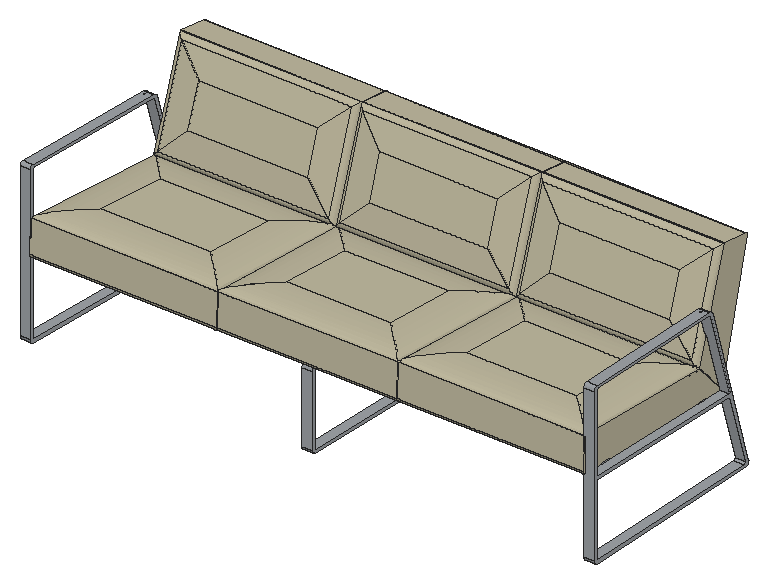
Revit family
Parameters
  URL = "http://www.martinbrattrud.com"
  SCS Certified Product = "Yes"
  Model = "Serif 530-83"
  Manufacturer = "Martin Brattrud, Inc."
  Keynote = "125000"
  Copyright = "© 2013 Martin Brattrud, Inc."
  Chair [instance] = none
  Arms [instance] = none
  Authoring Version = "Revit Architecture 2010"
  Assembly Code = "E2020200"
Reference planes (in)
  plane 1 "Center Front/Back": y = 0
  plane 2: z = 0
  plane 3 "Center Left/Right": x = 0
  plane 4 "seattop": through (0, -14.39489, 16.25041) normal (0, -0.0506, -0.9987)
Forms (in)
  Extrusion 1, solid, material <- "Arms"
    sketch origin (0, 0, 0) x (0, 1, 0) y (0, 0, 1)
      loop
        line (8.33058, 10.8183) -> (6.83085, 10.84679) -> (6.82362, 10.46894) -> (8.32334, 10.44022) -> (8.33058, 10.8183)
      loop
        line (-9.8957, 11.16446) -> (-11.39543, 11.19294) -> (-11.40261, 10.81747) -> (-9.90289, 10.78876) -> (-9.8957, 11.16446)
    from -40 to 40
  Extrusion 2, solid, material <- "Chair"
    sketch origin (0, 0, 0) x (0, 1, 0) y (0, 0, 1)
      loop
        line (15.6877, 29.02419) -> (11.81326, 29.36315) -> (7.1417, 15.15946) -> (11.33004, 10.76134) -> (15.94697, 28.65756)
        arc (15.94697, 28.65756) -> (15.90229, 28.90095) -> (15.6877, 29.02419) r 0.29424
    from -40 to -13
  Extrusion 3, solid, material <- "Chair"
    sketch origin (0, 0, 0) x (0, 1, 0) y (0, 0, 1)
      loop
        line (11.33004, 10.76134) -> (7.1417, 15.15946) -> (-14.39489, 16.25041) -> (-14.59173, 11.63759)
        arc (-14.59173, 11.63759) -> (-14.49028, 11.36473) -> (-14.22419, 11.24667) r 0.375
        line (-14.22419, 11.24667) -> (11.33004, 10.76134)
    from -42.0209 to -13.00089
  Sweep 4, solid, material <- "Chair"
    path in 3D
      loop
        line (-40.04345, -14.39489, 16.25041) -> (-39.41499, 7.1417, 15.15946) -> (-13.00089, 7.1417, 15.15946) -> (-13.00089, -14.39489, 16.25041) -> (-40.04345, -14.39489, 16.25041)
    profile origin (-26.52217, -14.39489, 16.25041) x (0, -0.042634, -0.999091) y (0, -0.999091, 0.042634)
      loop
        spline (0.00025, -0.03124) -> (-0.13005, -0.07829) -> (-0.25739, -0.21883) -> (-0.37959, -0.45044) -> (-0.49456, -0.76916) -> (-0.60031, -1.16953) -> (-0.69505, -1.64466) -> (-0.77714, -2.18643) -> (-0.84518, -2.78555) -> (-0.898, -3.43173) -> (-0.9347, -4.11391) -> (-0.95464, -4.82038) -> (-0.95749, -5.53904)
        line (-0.95749, -5.53904) -> (-0.92164, -10.0389) -> (0.07991, -10.03092) -> (0.00025, -0.03124)
  Sweep 5, solid, material <- "Chair"
    path in 3D
      loop
        line (-39.2465, 11.81326, 29.36315) -> (-39.38282, 7.1417, 15.15946) -> (-13, 7.1417, 15.15946) -> (-13, 11.81326, 29.36315) -> (-39.2465, 11.81326, 29.36315)
    profile origin (-26.12325, 11.81326, 29.36315) x (0, -0.312433, -0.94994) y (0, -0.94994, 0.312433)
      loop
        line (0.03213, 0) -> (4.494, 0) -> (4.494, 1.13082)
        arc (4.494, 1.13082) -> (2.64167, 1.03773) -> (0.80801, 0.7594) r 18.47556
        arc (0.80801, 0.7594) -> (0.30805, 0.49416) -> (0.03213, 0) r 1
  Extrusion 6, solid, material <- "Chair"
    sketch origin (-15.03217, 0.78423, 15.4815) x (0, -0.998719, 0.050591) y (-1, 0, 0)
      loop
        line (3.66562, 7.99996) -> (5.16734, 7.99996) -> (5.16734, 14.97277) -> (3.66562, 14.92901) -> (3.66562, 7.99996)
    from -1.00158 to 0
  Extrusion 7, solid, material <- "Chair"
    sketch origin (-15.03217, 1.73815, -0.57167) x (0, -0.312433, -0.94994) y (-1, 0, 0)
      loop
        line (-27.09008, 2.46183) -> (-21.12588, 2.46183) -> (-21.12588, 19.81549) -> (-27.09008, 19.76111) -> (-27.09008, 2.46183)
    from -0.9127 to 0.21812
  Extrusion 8, void
    sketch origin (0, 0, 0) x (1, 0, 0) y (0, 1, 0)
      loop
        line (-40.13655, -18.68777) -> (-39.02767, 19.31223) -> (-43.65293, 19.31223) -> (-43.65293, -18.68777) -> (-40.13655, -18.68777)
      loop
        line (40.18766, -18.68777) -> (43.70404, -18.68777) -> (43.70404, 19.31223) -> (39.07878, 19.31223) -> (40.18766, -18.68777)
    from 8.87704 to 31.05989
  Extrusion 9, solid, material <- "Chair"
    sketch origin (0, 0, 0) x (0, 1, 0) y (0, 0, -1)
      loop
        arc (15.6877, -29.02419) -> (15.90229, -28.90095) -> (15.94697, -28.65756) r 0.29424
        line (15.94697, -28.65756) -> (11.33004, -10.76134) -> (7.1417, -15.15946) -> (11.81326, -29.36315) -> (15.6877, -29.02419)
    from -40 to -13
  Extrusion 10, solid, material <- "Chair"
    sketch origin (0, 0, 0) x (0, 1, 0) y (0, 0, -1)
      loop
        line (11.33004, -10.76134) -> (-14.22419, -11.24667)
        arc (-14.22419, -11.24667) -> (-14.49028, -11.36473) -> (-14.59173, -11.63759) r 0.375
        line (-14.59173, -11.63759) -> (-14.39489, -16.25041) -> (7.1417, -15.15946) -> (11.33004, -10.76134)
    from -40.6667 to -13.00089
  Sweep 11, solid, material <- "Chair"
    path in 3D
      loop
        line (40.09456, -14.39489, 16.25041) -> (39.4661, 7.1417, 15.15946) -> (13.00089, 7.1417, 15.15946) -> (13.00089, -14.39489, 16.25041) -> (40.09456, -14.39489, 16.25041)
    profile origin (26.54772, -14.39489, 16.25041) x (0, 0.042634, 0.999091) y (0, -0.999091, 0.042634)
      loop
        line (-0.00025, -0.03124) -> (-0.07991, -10.03092) -> (0.92164, -10.0389) -> (0.95749, -5.53904)
        spline (0.95749, -5.53904) -> (0.95464, -4.82038) -> (0.9347, -4.11391) -> (0.898, -3.43173) -> (0.84518, -2.78555) -> (0.77714, -2.18643) -> (0.69505, -1.64466) -> (0.60031, -1.16953) -> (0.49456, -0.76916) -> (0.37959, -0.45044) -> (0.25739, -0.21883) -> (0.13005, -0.07829) -> (-0.00025, -0.03124)
  Sweep 12, solid, material <- "Chair"
    path in 3D
      loop
        line (39.29761, 11.81326, 29.36315) -> (39.43393, 7.1417, 15.15946) -> (13, 7.1417, 15.15946) -> (13, 11.81326, 29.36315) -> (39.29761, 11.81326, 29.36315)
    profile origin (26.14881, 11.81326, 29.36315) x (0, 0.312433, 0.94994) y (0, -0.94994, 0.312433)
      loop
        arc (-0.03213, 0) -> (-0.30805, 0.49416) -> (-0.80801, 0.7594) r 1
        arc (-0.80801, 0.7594) -> (-2.64167, 1.03773) -> (-4.494, 1.13082) r 18.47556
        line (-4.494, 1.13082) -> (-4.494, 0) -> (-0.03213, 0)
  Extrusion 13, solid, material <- "Chair"
    sketch origin (15.03217, 0.78423, 15.4815) x (0, -0.998719, 0.050591) y (-1, 0, 0)
      loop
        line (3.66562, -7.99996) -> (3.66562, -14.68606) -> (5.16734, -14.72982) -> (5.16734, -7.99996) -> (3.66562, -7.99996)
    from -1.00158 to 0
  Extrusion 14, solid, material <- "Chair"
    sketch origin (15.03217, 1.73815, -0.57167) x (0, -0.312433, -0.94994) y (-1, 0, 0)
      loop
        line (-27.09008, -2.46183) -> (-27.09008, -19.81223) -> (-21.12588, -19.8666) -> (-21.12588, -2.46183) -> (-27.09008, -2.46183)
    from -0.9127 to 0.21812
  Extrusion 15, solid, material <- "Chair"
    sketch origin (27.6666, 0, 0) x (0, 1, 0) y (0, 0, 1)
      loop
        line (15.6877, 29.02419) -> (11.81326, 29.36315) -> (7.1417, 15.15946) -> (11.33004, 10.76134) -> (15.94697, 28.65756)
        arc (15.94697, 28.65756) -> (15.90229, 28.90095) -> (15.6877, 29.02419) r 0.29424
    from -40.6666 to -14.6666
  Extrusion 16, solid, material <- "Chair"
    sketch origin (27.6666, 0, 0) x (0, 1, 0) y (0, 0, 1)
      loop
        line (11.33004, 10.76134) -> (7.1417, 15.15946) -> (-14.39489, 16.25041) -> (-14.59173, 11.63759)
        arc (-14.59173, 11.63759) -> (-14.49028, 11.36473) -> (-14.22419, 11.24667) r 0.375
        line (-14.22419, 11.24667) -> (11.33004, 10.76134)
    from -40.66749 to -14.66571
  Sweep 17, solid, material <- "Chair"
    path in 3D
      loop
        line (-13.00089, -14.39489, 16.25041) -> (-13.00089, 7.1417, 15.15946) -> (13.00089, 7.1417, 15.15946) -> (13.00089, -14.39489, 16.25041) -> (-13.00089, -14.39489, 16.25041)
    profile origin (0, -14.39489, 16.25041) x (0, -0.042634, -0.999091) y (0, -0.999091, 0.042634)
      loop
        spline (0.00025, -0.03124) -> (-0.13005, -0.07829) -> (-0.25739, -0.21883) -> (-0.37959, -0.45044) -> (-0.49456, -0.76916) -> (-0.60031, -1.16953) -> (-0.69505, -1.64466) -> (-0.77714, -2.18643) -> (-0.84518, -2.78555) -> (-0.898, -3.43173) -> (-0.9347, -4.11391) -> (-0.95464, -4.82038) -> (-0.95749, -5.53904)
        line (-0.95749, -5.53904) -> (-0.92164, -10.0389) -> (0.07991, -10.03092) -> (0.00025, -0.03124)
  Sweep 18, solid, material <- "Chair"
    path in 3D
      loop
        line (-13, 11.81326, 29.36315) -> (-13, 7.1417, 15.15946) -> (13, 7.1417, 15.15946) -> (13, 11.81326, 29.36315) -> (-13, 11.81326, 29.36315)
    profile origin (0, 11.81326, 29.36315) x (0, -0.312433, -0.94994) y (0, -0.94994, 0.312433)
      loop
        line (0.03213, 0) -> (4.494, 0) -> (4.494, 1.13082)
        arc (4.494, 1.13082) -> (2.64167, 1.03773) -> (0.80801, 0.7594) r 18.47556
        arc (0.80801, 0.7594) -> (0.30805, 0.49416) -> (0.03213, 0) r 1
  Extrusion 19, solid, material <- "Chair"
    sketch origin (12.63443, 0.78423, 15.4815) x (0, -0.998719, 0.050591) y (-1, 0, 0)
      loop
        line (3.66562, 8.83237) -> (5.16734, 8.83237) -> (5.16734, 16.48026) -> (3.66562, 16.43649) -> (3.66562, 8.83237)
    from -1.00158 to 0
  Extrusion 20, solid, material <- "Chair"
    sketch origin (12.63443, 1.73815, -0.57167) x (0, -0.312433, -0.94994) y (-1, 0, 0)
      loop
        line (-27.09008, 4.12843) -> (-21.12588, 4.12843) -> (-21.12588, 21.14043) -> (-27.09008, 21.14043) -> (-27.09008, 4.12843)
    from -0.9127 to 0.21812
  Extrusion 21, solid, material <- "Arms"
    sketch origin (0.74963, -0.0017, 48) x (-0.000026, -1, 0) y (0, 0, 1)
      loop
        arc (-10.78246, -37.60442) -> (-10.92834, -37.65482) -> (-11.01683, -37.78128) r 0.25
        line (-11.01683, -37.78128) -> (-13.92757, -47.30191)
        arc (-13.92757, -47.30191) -> (-13.88946, -47.52371) -> (-13.6885, -47.625) r 0.25
        line (-13.6885, -47.625) -> (13.83268, -47.625)
        arc (13.83268, -47.625) -> (14.00946, -47.55178) -> (14.08268, -47.375) r 0.25
        line (14.08268, -47.375) -> (14.08268, -37.38394)
        arc (14.08268, -37.38394) -> (14.02722, -37.22692) -> (13.88545, -37.13957) r 0.25
        line (13.88545, -37.13957) -> (-10.78246, -37.60442)
      loop
        arc (-10.8797, -37.22946) -> (-11.17144, -37.33028) -> (-11.3484, -37.58319) r 0.5
        line (-11.3484, -37.58319) -> (-14.33558, -47.35381)
        arc (-14.33558, -47.35381) -> (-14.25935, -47.79741) -> (-13.85742, -48) r 0.5
        line (-13.85742, -48) -> (13.95768, -48)
        arc (13.95768, -48) -> (14.31124, -47.85355) -> (14.45768, -47.5) r 0.5
        line (14.45768, -47.5) -> (14.45768, -37.25894)
        arc (14.45768, -37.25894) -> (14.31742, -36.91168) -> (13.97533, -36.75925) r 0.5
        line (13.97533, -36.75925) -> (-10.8797, -37.22946)
    from 0 to 1.5
  Extrusion 22, solid, material <- "Arms"
    sketch origin (-39.59282, -0.02358, 48) x (-0.029169, -0.999575, 0) y (0, 0, 1)
      loop
        line (13.83268, -25.375) -> (-7.01352, -25.375)
        arc (-7.01352, -25.375) -> (-7.16223, -25.42404) -> (-7.2526, -25.55191) r 0.25
        line (-7.2526, -25.55191) -> (-10.82302, -37.23023) -> (14.08268, -36.75721) -> (14.08268, -25.625)
        arc (14.08268, -25.625) -> (14.00946, -25.44822) -> (13.83268, -25.375) r 0.25
      loop
        line (-10.93945, -37.61105) -> (-13.90224, -47.30191)
        arc (-13.90224, -47.30191) -> (-13.86413, -47.52371) -> (-13.66316, -47.625) r 0.25
        line (-13.66316, -47.625) -> (13.83268, -47.625)
        arc (13.83268, -47.625) -> (14.00946, -47.55178) -> (14.08268, -47.375) r 0.25
        line (14.08268, -47.375) -> (14.08268, -37.13215) -> (-10.93945, -37.61105)
      loop
        arc (-14.31024, -47.35381) -> (-14.23402, -47.79741) -> (-13.83209, -48) r 0.5
        line (-13.83209, -48) -> (13.95768, -48)
        arc (13.95768, -48) -> (14.31124, -47.85355) -> (14.45768, -47.5) r 0.5
        line (14.45768, -47.5) -> (14.45768, -25.5)
        arc (14.45768, -25.5) -> (14.31124, -25.14645) -> (13.95768, -25) r 0.5
        line (13.95768, -25) -> (-7.10602, -25)
        arc (-7.10602, -25) -> (-7.40343, -25.09807) -> (-7.58417, -25.35381) r 0.5
        line (-7.58417, -25.35381) -> (-14.31024, -47.35381)
    from 0 to 1.5
  Extrusion 23, solid, material <- "Arms"
    sketch origin (39.59282, -0.02358, 48) x (0.029169, -0.999575, 0) y (0, 0, -1)
      loop
        arc (13.83268, 25.375) -> (14.00946, 25.44822) -> (14.08268, 25.625) r 0.25
        line (14.08268, 25.625) -> (14.08268, 36.75721) -> (-10.82302, 37.23023) -> (-7.2526, 25.55191)
        arc (-7.2526, 25.55191) -> (-7.16223, 25.42404) -> (-7.01352, 25.375) r 0.25
        line (-7.01352, 25.375) -> (13.83268, 25.375)
      loop
        line (-10.93945, 37.61105) -> (14.08268, 37.13215) -> (14.08268, 47.375)
        arc (14.08268, 47.375) -> (14.00946, 47.55178) -> (13.83268, 47.625) r 0.25
        line (13.83268, 47.625) -> (-13.66316, 47.625)
        arc (-13.66316, 47.625) -> (-13.86413, 47.52371) -> (-13.90224, 47.30191) r 0.25
        line (-13.90224, 47.30191) -> (-10.93945, 37.61105)
      loop
        line (-14.31024, 47.35381) -> (-7.58417, 25.35381)
        arc (-7.58417, 25.35381) -> (-7.40343, 25.09807) -> (-7.10602, 25) r 0.5
        line (-7.10602, 25) -> (13.95768, 25)
        arc (13.95768, 25) -> (14.31124, 25.14645) -> (14.45768, 25.5) r 0.5
        line (14.45768, 25.5) -> (14.45768, 47.5)
        arc (14.45768, 47.5) -> (14.31124, 47.85355) -> (13.95768, 48) r 0.5
        line (13.95768, 48) -> (-13.83209, 48)
        arc (-13.83209, 48) -> (-14.23402, 47.79741) -> (-14.31024, 47.35381) r 0.5
    from 0 to 1.5
Cuts and joins
  joined: Sweep 4, Extrusion 6
  joined: Sweep 5, Extrusion 7
  Extrusion 8 cuts Extrusion 1
  joined: Extrusion 1, Extrusion 21
  joined: Sweep 12, Extrusion 14
  joined: Sweep 11, Extrusion 13
  Extrusion 8 cuts Extrusion 9
  Extrusion 8 cuts Extrusion 10
  Extrusion 8 cuts Extrusion 2
  Extrusion 8 cuts Extrusion 3
  joined: Sweep 18, Extrusion 20
  joined: Sweep 17, Extrusion 19
Lines and regions (in)
  sketch lines
    curve 1: line (-13.00089, -14.39489, 16.25041) -> (-40.04345, -14.39489, 16.25041)
    curve 2: line (-39.41499, 7.1417, 15.15946) -> (-40.04345, -14.39489, 16.25041)
    curve 3: line (-13.00089, 7.1417, 15.15946) -> (-39.41499, 7.1417, 15.15946)
    curve 4: line (-13, 11.81326, 29.36315) -> (-39.2465, 11.81326, 29.36315)
    curve 5: line (-13, 7.1417, 15.15946) -> (-39.38282, 7.1417, 15.15946)
    curve 6: line (13.00089, -14.39489, 16.25041) -> (40.09456, -14.39489, 16.25041)
    curve 7: line (39.4661, 7.1417, 15.15946) -> (40.09456, -14.39489, 16.25041)
    curve 8: line (13.00089, 7.1417, 15.15946) -> (39.4661, 7.1417, 15.15946)
    curve 9: line (13, 11.81326, 29.36315) -> (39.29761, 11.81326, 29.36315)
    curve 10: line (13, 7.1417, 15.15946) -> (39.43393, 7.1417, 15.15946)
    curve 11: line (-13, 7.1417, 15.15946) -> (-13, 11.81326, 29.36315)
    curve 12: line (-13.00089, -14.39489, 16.25041) -> (-13.00089, 7.1417, 15.15946)
    curve 13: line (13.00089, -14.39489, 16.25041) -> (-13.00089, -14.39489, 16.25041)
    curve 14: line (13.00089, 7.1417, 15.15946) -> (-13.00089, 7.1417, 15.15946)
    curve 15: line (13, 11.81326, 29.36315) -> (-13, 11.81326, 29.36315)
    curve 16: line (13, 7.1417, 15.15946) -> (-13, 7.1417, 15.15946)
    curve 17: line (-13, 7.1417, 15.15946) -> (-13, 11.81326, 29.36315)
    curve 18: line (-13.00089, -14.39489, 16.25041) -> (-13.00089, 7.1417, 15.15946)
    curve 19: line (13, 11.81326, 29.36315) -> (13, 7.1417, 15.15946)
    curve 20: line (13.00089, 7.1417, 15.15946) -> (13.00089, -14.39489, 16.25041)
    curve 21: line (39.43393, 7.1417, 15.15946) -> (39.29761, 11.81326, 29.36315)
    curve 22: line (-39.2465, 11.81326, 29.36315) -> (-39.38282, 7.1417, 15.15946)
    curve 23: line (13.00089, 7.1417, 15.15946) -> (13.00089, -14.39489, 16.25041)
    curve 24: line (13, 11.81326, 29.36315) -> (13, 7.1417, 15.15946)
